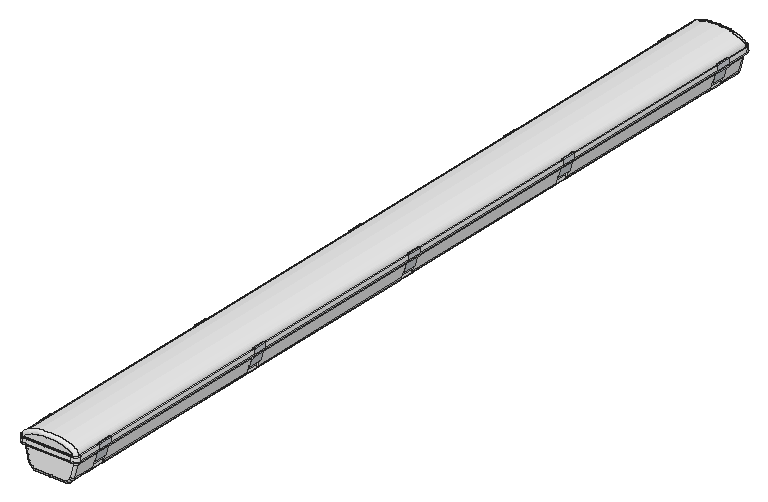
Revit family "0048625", category Lighting Fixtures, host Face, Revit 2017
Family settings
  Host = Face
  Round Connector Dimension = Use Diameter
  Part Type = Normal
  OmniClass Number = 23.80.70.11.14
  OmniClass Title = General Luminaries, Directional
  Cut with Voids When Loaded = Yes
  Light Source = Yes
  Shared = No
  Room Calculation Point = No
Parameters
  Width = 110 mm
  Weight = "2.49 kg"
  Wattage Comments = "n/a"
  Wattage = 67 W
  WarrantyStartDate [instance] = "n/a"
  WarrantyGuarantorParts = "n/a"
  WarrantyDurationUnit = "n/a"
  WarrantyDurationParts = "n/a"
  WarrantyDescription = "n/a"
  built-in parameter 1150110 = 1 (stored number, unit not read)
  Voltage = 230 V
  URL = "https://www.sylvania-lighting.com/"
  TypeName = "START WATERPROOF TWIN 1500 HO IP65 8300LM 840"
  Type Image = <None>
  Type Comments = "n/a"
  built-in parameter 1114217 = 1 (stored number, unit not read)
  Tilt Angle = -90.00°
  built-in parameter 1150109 = 1 (stored number, unit not read)
  built-in parameter 1150134 = 12
  built-in parameter 1150113 = 1 (stored number, unit not read)
  SerialNumber [instance] = "n/a"
  ReflectorMaterial = none
  PowerFactor = 0.9
  PowerConsumption = "67 W"
  Photometric Web File = "0048625.ies"
  NominalWidth = 0 mm
  NominalLength = 1578 mm
  NominalHeight = 78 mm
  Name = "START WATERPROOF TWIN 1500 HO IP65 8300LM 840"
  ModelReference = "START WATERPROOF TWIN 1500 HO IP65 8300LM 840"
  ModelNumber = "0048625"
  Model = "START WATERPROOF TWIN 1500 HO IP65 8300LM 840"
  Material = "polycarbonate housing, polycarbonate diffuser"
  ManufacturerName = "Feilo Sylvania"
  Manufacturer = "Feilo Sylvania"
  LuminousEfficacy = "124 lm/W"
  built-in parameter 1150105 = 661.13 (stored number, unit not read)
  Lumens = 8308 lm
  LuminaireType = "Weatherproof"
  built-in parameter 1150115 = 1 (stored number, unit not read)
  LightOutputRatio = "n/a"
  built-in parameter 1150137 = (empty or 0)
  built-in parameter 1150139 = (empty or 0)
  Length = 1572 mm
  LampsType = Lamp  # "LED"
  LampNominalLuminous = "8300 lm"
  LampMacAdamStep = "3"
  LampColourTemperature = "4000 K"
  LampColourRenderingIndex = "80"
  built-in parameter 1150112 = 1 (stored number, unit not read)
  built-in parameter 1150114 = 1 (stored number, unit not read)
  Lamp = "LED"
  Keynote = "16500"
  InstallationDate [instance] = "n/a"
  InputVoltage = "220-240V~"
  InputNominalFrequency = "50/60 Hz"
  built-in parameter 1150132 = (empty or 0)
  built-in parameter 1150102 = (empty or 0)
  built-in parameter 1150107 = 4000 (stored number, unit not read)
  built-in parameter 1150138 = (empty or 0)
  IngressProtection = "IP65"
  ImpactProtectionIndex = "IK08"
  built-in parameter 1150106 = 6.6113 (stored number, unit not read)
  IfcExportType = "IfcLightFixtureType"
  IfcExportAs = "IfcLightFixtureType"
  ExpectedLife = 50000
  Emit from Rectangle Width = Width - 20 mm  # 90 mm
  Emit from Rectangle Length = Length - 20 mm  # 1552 mm
  Emit Shape Visible in Rendering = no
  ElectricShockClassification = "Class I"
  built-in parameter 1150104 = 11.52 (stored number, unit not read)
  DurationUnit = "hours"
  DocumentationLiterature = "https://www.sylvania-lighting.com/product/en-int/products/0048625/"
  DimmingControlOptions = "Non dimmable"
  Dimming Lamp Color Temperature Shift = <None>
  DiffuserMaterial = Diffuser-Sylvania-Transparent
  Description = ""
  Default Elevation = 1219.2 mm
  CreatedOn = "11/9/2017"
  CreatedBy = ""
  Cost = 0
  Color Filter = 16777215
  built-in parameter 1114216 [instance] = (empty or 0)
  ClassificationValue = "EF_70_80"
  ClassificationName = "Uniclass2015"
  BodyMaterial = Body-Sylvania-Gray
  BarCode [instance] = "n/a"
  built-in parameter 1114218 = 1 (stored number, unit not read)
  built-in parameter 1150133 = 10 (stored number, unit not read)
  AssetType = "Fixed"
  AssetIdentifier [instance] = "n/a"
  Assembly Code = "D5020200"
  Apparent Load = 67 VA
  AccessoryMaterial = Diffuser-Sylvania-Glow
Reference planes
  plane 1 "Center (Front/Back)": y = 0
  plane 2: z = 0
  plane 3 "Center (Left/Right)": x = 0
  plane 4: z = 54
  plane 5: x = -27.7
  plane 6: x = -34.8
  plane 7: x = -39.6
  plane 8: x = -42.2
  plane 9: z = 3
  plane 10: z = 7.8
  plane 11: z = 12.3
  plane 12: z = 36.6
  plane 13: z = 42.8
  plane 14: x = -51.1
  plane 15: z = 46.2
  plane 16: x = -55
  plane 17: y = 786
  plane 18: y = -786
  plane 19: x = 27.7
  plane 20: x = 34.8
  plane 21: x = 39.6
  plane 22: x = 42.2
  plane 23: x = 51.1
  plane 24: x = 55
  plane 25: y = 778.4
  plane 26: y = -778.4
  plane 27: y = -774.7
  plane 28: y = 774.7
  plane 29: z = 74
  plane 30: x = -51.5
  plane 31: x = 51.5
  plane 32: z = 55.2
  plane 33: y = -782.5
  plane 34: y = 782.5
  plane 35: x = -37.5
  plane 36: x = 37.5
  plane 37: x = -48.7
  plane 38: x = 48.7
  plane 39: x = 18
  plane 40: x = -18
  plane 41: z = 50.2
  plane 42: z = 24.6
  plane 43: y = 720
  plane 44: y = 706
  plane 45: y = 734
  plane 46: y = -720
  plane 47: y = 720
  plane 48: y = 706
  plane 49: y = 734
  plane 50: y = -720
  plane 51: y = -734
  plane 52: y = -706
  plane 53: y = 360
  plane 54: y = 346
  plane 55: y = 374
  plane 56: y = 0
  plane 57: y = -14
  plane 58: y = 14
  plane 59: y = -360
  plane 60: y = -374
  plane 61: y = -346
Forms (mm)
  Sweep 1, solid, material "Body-Sylvania-Gray" <- "BodyMaterial", detail levels medium+fine
    path origin (1223.4, -4572, 54) x (0, -1, 0) y (1, 0, 0)
      loop
        arc (-3796, -1278.4) -> (-3788.929, -1275.471) -> (-3786, -1268.4) r 10
        line (-3786, -1268.4) -> (-3786, -1178.4)
        arc (-3786, -1178.4) -> (-3788.929, -1171.329) -> (-3796, -1168.4) r 10
        line (-3796, -1168.4) -> (-5348, -1168.4)
        arc (-5348, -1168.4) -> (-5355.071, -1171.329) -> (-5358, -1178.4) r 10
        line (-5358, -1178.4) -> (-5358, -1268.4)
        arc (-5358, -1268.4) -> (-5355.071, -1275.471) -> (-5348, -1278.4) r 10
        line (-5348, -1278.4) -> (-3796, -1278.4)
    profile origin (-55, 0, 54) x (-1, 0, 0) y (0, 0, 1)
      loop
        line (0, 0) -> (-1, 0) -> (-1, -7.726)
        arc (-1, -7.726) -> (-1.994, -9.498) -> (-3.9, -10.2) r 2.937
        line (-3.9, -10.2) -> (-8.571, -10.2) -> (-8.571, -11.2) -> (-3.9, -11.2)
        arc (-3.9, -11.2) -> (-1.313, -10.231) -> (0, -7.8) r 3.937
        line (0, -7.8) -> (0, 0)
  Sweep 2, solid, material "Body-Sylvania-Gray" <- "BodyMaterial", detail levels medium+fine
    path origin (0, 0, 0) x (1, 0, 0) y (0, 0, 1)
      loop
        line (48.7, 42.8) -> (48.7, 36.6) -> (42.203, 12.31)
        arc (42.203, 12.31) -> (41.199, 9.884) -> (39.6, 7.8) r 10.052
        line (39.6, 7.8) -> (34.8, 3)
        arc (34.8, 3) -> (31.554, 0.781) -> (27.7, 0) r 9.902
        line (27.7, 0) -> (0, 0) -> (-27.7, 0)
        arc (-27.7, 0) -> (-31.554, 0.781) -> (-34.8, 3) r 9.902
        line (-34.8, 3) -> (-39.6, 7.8)
        arc (-39.6, 7.8) -> (-41.199, 9.884) -> (-42.203, 12.31) r 10.052
        line (-42.203, 12.31) -> (-48.7, 36.6) -> (-48.7, 42.8)
    profile origin (0, 0, 0) x (0, 0, -1) y (0, -1, 0)
      loop
        arc (0, 773.4) -> (-1.464, 776.936) -> (-5, 778.4) r 5
        line (-5, 778.4) -> (-7.8, 778.4) -> (-7.8, -778.4) -> (-5, -778.4)
        arc (-5, -778.4) -> (-1.464, -776.936) -> (0, -773.4) r 5
        line (0, -773.4) -> (0, 773.4)
  Extrusion 3, solid, material "Body-Sylvania-Gray" <- "BodyMaterial", detail levels medium+fine
    sketch origin (1524, 778.4, 1219.2) x (1, 0, 0) y (0, 0, 1)
      loop
        arc (-1558.668, -1204.874) -> (-1558.443, -1205.418) -> (-1558.085, -1205.885) r 2.252
        line (-1558.085, -1205.885) -> (-1553.231, -1210.738)
        arc (-1553.231, -1210.738) -> (-1552.534, -1211.227) -> (-1551.7, -1211.4) r 2.102
        line (-1551.7, -1211.4) -> (-1496.3, -1211.4)
        arc (-1496.3, -1211.4) -> (-1495.466, -1211.227) -> (-1494.769, -1210.738) r 2.102
        line (-1494.769, -1210.738) -> (-1489.915, -1205.885)
        arc (-1489.915, -1205.885) -> (-1489.557, -1205.418) -> (-1489.332, -1204.874) r 2.252
        line (-1489.332, -1204.874) -> (-1483.1, -1181.575) -> (-1483.1, -1176.4) -> (-1564.9, -1176.4) -> (-1564.9, -1181.575) -> (-1558.668, -1204.874)
    from 0 to 1556.8
  Sweep 4, solid, material "Diffuser-Sylvania-Transparent" <- "DiffuserMaterial", detail levels medium+fine
    path origin (0, 0, 0) x (1, 0, 0) y (0, 0, 1)
      loop
        spline (-51.5, 55.2) -> (-49.745, 60.066) -> (-44.6, 64.6) -> (-36.416, 68.494) -> (-25.75, 71.481) -> (-13.329, 73.359) -> (0, 74) -> (13.329, 73.359) -> (25.75, 71.481) -> (36.416, 68.494) -> (44.6, 64.6) -> (49.745, 60.066) -> (51.5, 55.2)
    profile origin (51.5, 0, 55.2) x (0, -1, 0) y (1, 0, 0)
      loop
        arc (782.5, -5.5) -> (780.889, -1.611) -> (777, 0) r 5.5
        line (777, 0) -> (-777, 0)
        arc (-777, 0) -> (-780.889, -1.611) -> (-782.5, -5.5) r 5.5
        line (-782.5, -5.5) -> (-782.5, -6.3) -> (-781.5, -6.3) -> (-781.5, -5.5)
        arc (-781.5, -5.5) -> (-780.182, -2.318) -> (-777, -1) r 4.5
        line (-777, -1) -> (777, -1)
        arc (777, -1) -> (780.182, -2.318) -> (781.5, -5.5) r 4.5
        line (781.5, -5.5) -> (781.5, -6.347) -> (782.5, -6.347) -> (782.5, -5.5)
  Extrusion 5, solid, material "Diffuser-Sylvania-Transparent" <- "DiffuserMaterial", detail levels medium+fine
    sketch origin (1524, -782.5, 1219.2) x (1, 0, 0) y (0, 0, 1)
      loop
        line (-1569.653, -1164) -> (-1478.347, -1164)
        spline (-1478.347, -1164) -> (-1478.969, -1162.594) -> (-1482.527, -1159.545) -> (-1489.588, -1156.201) -> (-1499.458, -1153.445) -> (-1511.242, -1151.663) -> (-1524, -1151.049) -> (-1536.758, -1151.663) -> (-1548.542, -1153.445) -> (-1558.412, -1156.201) -> (-1565.473, -1159.545) -> (-1569.031, -1162.594) -> (-1569.653, -1164)
    from 0 to -1
  Extrusion 6, solid, material "Diffuser-Sylvania-Transparent" <- "DiffuserMaterial", detail levels medium+fine
    sketch origin (1524, 782.5, 1219.2) x (1, 0, 0) y (0, 0, 1)
      loop
        spline (-1478.3, -1164) -> (-1478.931, -1162.565) -> (-1482.502, -1159.505) -> (-1489.572, -1156.155) -> (-1499.446, -1153.394) -> (-1511.236, -1151.614) -> (-1524, -1151.007) -> (-1536.764, -1151.614) -> (-1548.554, -1153.394) -> (-1558.428, -1156.155) -> (-1565.498, -1159.505) -> (-1569.069, -1162.565) -> (-1569.7, -1164)
        line (-1569.7, -1164) -> (-1478.3, -1164)
    from 0 to 1
  Extrusion 7, solid, material "Diffuser-Sylvania-Transparent" <- "DiffuserMaterial", detail levels medium+fine
    sketch origin (1223.4, -4572, 55.2) x (0, -1, 0) y (-1, 0, 0)
      loop
        arc (-5353.5, 1177.4) -> (-5352.182, 1174.218) -> (-5349, 1172.9) r 4.5
        line (-5349, 1172.9) -> (-3795, 1172.9)
        arc (-3795, 1172.9) -> (-3791.818, 1174.218) -> (-3790.5, 1177.4) r 4.5
        line (-3790.5, 1177.4) -> (-3790.5, 1269.4)
        arc (-3790.5, 1269.4) -> (-3791.818, 1272.582) -> (-3795, 1273.9) r 4.5
        line (-3795, 1273.9) -> (-5349, 1273.9)
        arc (-5349, 1273.9) -> (-5352.182, 1272.582) -> (-5353.5, 1269.4) r 4.5
        line (-5353.5, 1269.4) -> (-5353.5, 1177.4)
      loop
        line (-5358, 1268.4) -> (-5358, 1178.4)
        arc (-5358, 1178.4) -> (-5355.071, 1171.329) -> (-5348, 1168.4) r 10
        line (-5348, 1168.4) -> (-3796, 1168.4)
        arc (-3796, 1168.4) -> (-3788.929, 1171.329) -> (-3786, 1178.4) r 10
        line (-3786, 1178.4) -> (-3786, 1268.4)
        arc (-3786, 1268.4) -> (-3788.929, 1275.471) -> (-3796, 1278.4) r 10
        line (-3796, 1278.4) -> (-5348, 1278.4)
        arc (-5348, 1278.4) -> (-5355.071, 1275.471) -> (-5358, 1268.4) r 10
    from 0 to 1.2
  Extrusion 8, solid, material "Diffuser-Sylvania-Glow" <- "AccessoryMaterial", detail levels fine
    sketch origin (0, 0, 0) x (1, 0, 0) y (0, 0, 1)
      loop
        circle (-18, 50.2) r 8
      loop
        circle (18, 50.2) r 8
    from -774.7 to 774.7
  Extrusion 9, void
    sketch origin (0, 720, 2343.807) x (0, 0, -1) y (-1, 0, 0)
      loop
        line (2340.807, -37.5) -> (2331.507, -37.5) -> (2319.207, -42.2) -> (2319.207, -48.7) -> (2340.807, -48.7) -> (2340.807, -37.5)
      loop
        line (2340.807, 37.5) -> (2340.807, 48.7) -> (2319.207, 48.7) -> (2319.207, 42.2) -> (2331.507, 37.5) -> (2340.807, 37.5)
    from -14 to 14
  Extrusion 10, solid, material "Body-Sylvania-Gray" <- "BodyMaterial", detail levels coarse
    sketch origin (0, 0, 0) x (1, 0, 0) y (0, 0, 1)
      loop
        line (55, 42.8) -> (55, 55.2) -> (-55, 55.2) -> (-55, 42.791) -> (-42.2, 0) -> (42.2, 0) -> (55, 42.8)
    from -786 to 786
  Extrusion 11, solid, material "Diffuser-Sylvania-Transparent" <- "DiffuserMaterial", detail levels coarse
    sketch origin (0, 0, 0) x (1, 0, 0) y (0, 0, 1)
      loop
        arc (51.5, 55.2) -> (0, 74) -> (-51.5, 55.2) r 79.939
        line (-51.5, 55.2) -> (51.5, 55.2)
    from 778.4 to -778.4
  Extrusion 12, void, not visible
    sketch origin (0, 720, 2343.807) x (0, 0, -1) y (-1, 0, 0)
      loop
        line (2340.807, -37.5) -> (2331.507, -37.5) -> (2319.207, -42.2) -> (2319.207, -48.7) -> (2340.807, -48.7) -> (2340.807, -37.5)
      loop
        line (2340.807, 37.5) -> (2340.807, 48.7) -> (2319.207, 48.7) -> (2319.207, 42.2) -> (2331.507, 37.5) -> (2340.807, 37.5)
    from -14 to 14
  Extrusion 13, void
    sketch origin (0, -720, 2343.807) x (0, 0, -1) y (-1, 0, 0)
      loop
        line (2340.807, -37.5) -> (2331.507, -37.5) -> (2319.207, -42.2) -> (2319.207, -48.7) -> (2340.807, -48.7) -> (2340.807, -37.5)
      loop
        line (2340.807, 37.5) -> (2340.807, 48.7) -> (2319.207, 48.7) -> (2319.207, 42.2) -> (2331.507, 37.5) -> (2340.807, 37.5)
    from -14 to 14
  Extrusion 14, void
    sketch origin (0, 360, 2343.807) x (0, 0, -1) y (-1, 0, 0)
      loop
        line (2340.807, -37.5) -> (2331.507, -37.5) -> (2319.207, -42.2) -> (2319.207, -48.7) -> (2340.807, -48.7) -> (2340.807, -37.5)
      loop
        line (2340.807, 37.5) -> (2340.807, 48.7) -> (2319.207, 48.7) -> (2319.207, 42.2) -> (2331.507, 37.5) -> (2340.807, 37.5)
    from -14 to 14
  Extrusion 15, void
    sketch origin (0, 0, 2343.807) x (0, 0, -1) y (-1, 0, 0)
      loop
        line (2340.807, -37.5) -> (2331.507, -37.5) -> (2319.207, -42.2) -> (2319.207, -48.7) -> (2340.807, -48.7) -> (2340.807, -37.5)
      loop
        line (2340.807, 37.5) -> (2340.807, 48.7) -> (2319.207, 48.7) -> (2319.207, 42.2) -> (2331.507, 37.5) -> (2340.807, 37.5)
    from -14 to 14
  Extrusion 16, void
    sketch origin (0, -360, 2343.807) x (0, 0, -1) y (-1, 0, 0)
      loop
        line (2340.807, -37.5) -> (2331.507, -37.5) -> (2319.207, -42.2) -> (2319.207, -48.7) -> (2340.807, -48.7) -> (2340.807, -37.5)
      loop
        line (2340.807, 37.5) -> (2340.807, 48.7) -> (2319.207, 48.7) -> (2319.207, 42.2) -> (2331.507, 37.5) -> (2340.807, 37.5)
    from -14 to 14
Cuts and joins
  Extrusion 9, Extrusion 13, Extrusion 14, Extrusion 15, Extrusion 16 cuts Sweep 2
  Extrusion 13, Extrusion 14, Extrusion 15, Extrusion 16 cuts Extrusion 3
  joined: Sweep 2, Extrusion 3
  joined: Sweep 4, Extrusion 5, Extrusion 6
Dimensions and locks
  locked: plane 4 to plane 2 at 54
  plane 5 to plane 6 to plane 7 to plane 8 to plane 14 to plane 16 = 7.1 mm locked, 4.8 mm locked, 2.6 mm locked, 8.9 mm, 3.9 mm
  plane 4 to plane 15 to plane 13 to plane 12 to plane 11 to plane 10 to plane 9 = 7.8 mm locked, 3.4 mm, 6.2 mm locked, 24.3 mm locked, 4.5 mm locked, 4.8 mm locked
  equal spacing: plane 18, plane 1 "Center (Front/Back)", plane 17
  "Length": plane 18 to plane 17
  plane 19 to plane 20 to plane 21 to plane 22 to plane 23 to plane 24 = 7.1 mm locked, 4.8 mm locked, 2.6 mm locked, 8.9 mm, 3.9 mm
  equal spacing: plane 24, plane 3 "Center (Left/Right)", plane 16
  "Width": plane 24 to plane 16
  equal spacing: plane 27, plane 1 "Center (Front/Back)", plane 28
  locked: plane 26 to plane 27 at 3.7
  locked: Sweep 1 sketch curve to profile plane at 1
  locked: Sweep 1 sketch curve to plane 13 at 1
  locked: Sweep 1 sketch curve to plane 13 at 3.937  (x2)
  locked: Sweep 1 sketch curve to profile plane at 3.9  (x2)
  locked: plane 29 to plane 4 at 20
  equal spacing: plane 31, plane 3 "Center (Left/Right)", plane 30
  locked: plane 30 to plane 16 at 3.5
  locked: plane 32 to plane 4 at 1.2
  equal spacing: plane 33, plane 1 "Center (Front/Back)", plane 34
  equal spacing: plane 36, plane 3 "Center (Left/Right)", plane 35
  locked: plane 3 "Center (Left/Right)" to plane 35 at 37.5
  locked: plane 34 to plane 17 at 3.5
  equal spacing: plane 38, plane 3 "Center (Left/Right)", plane 37
  locked: plane 37 to plane 16 at 6.3
  equal spacing: plane 25, plane 1 "Center (Front/Back)", plane 26
  locked: plane 17 to plane 25 at 7.6
  locked: Sweep 2 sketch curve to plane 2 at 5  (x2)
  locked: Sweep 2 sketch curve to plane 26 at 5
  locked: plane 25 to Sweep 2 sketch curve at 5
  locked: Sweep 4 sketch curve to plane 31 at 5.5  (x2)
  locked: Sweep 4 sketch curve to plane 34 at 5.5
  plane 33 to Sweep 4 sketch curve = 5.5 mm
  locked: plane 34 to Sweep 4 sketch curve at 1
  locked: Sweep 4 sketch curve to plane 31 at 1
  locked: Sweep 4 sketch curve to Sweep 4 sketch curve at 1
  locked: Sweep 4 sketch curve to plane 31 at 6.347
  locked: Sweep 4 sketch curve to plane 31 at 6.3
  equal spacing: plane 39, plane 3 "Center (Left/Right)", plane 40
  locked: plane 3 "Center (Left/Right)" to plane 40 at 18
  locked: plane 42 to plane 2 at 24.6
  plane 45 to plane 43 to plane 44 = 14 mm locked, 14 mm locked
  locked: plane 17 to plane 43 at 66
  equal spacing: plane 43, plane 1 "Center (Front/Back)", plane 46
  plane 49 to plane 47 to plane 48 = 14 mm locked, 14 mm locked
  plane 52 to plane 50 to plane 51 = 14 mm locked, 14 mm locked  (x2)
  equal spacing: group 1, group 6, group 7, group 8, group 5  (x2)
  equal spacing: group 5, group 8, group 7, group 6, group 1
  plane 55 to plane 53 to plane 54 = 14 mm locked, 14 mm locked  (x2)
  plane 58 to plane 56 to plane 57 = 14 mm locked, 14 mm locked  (x2)
  plane 61 to plane 59 to plane 60 = 14 mm locked, 14 mm locked  (x2)
  plane 43 to plane 53 to plane 1 "Center (Front/Back)" to plane 59 to plane 50 = 360 mm locked, 360 mm locked, 360 mm locked, 360 mm locked
  aligned and locked: plane 2 to host face
  aligned and locked: level to host face
  aligned and locked: plane 16 to Sweep 1 sketch curve
  aligned and locked: Sweep 1 sketch curve to plane 24
  aligned and locked: plane 18 to Sweep 1 sketch curve
  aligned and locked: Sweep 1 sketch curve to plane 13
  aligned and locked: profile plane to Sweep 1 sketch curve
  aligned and locked: plane 3 "Center (Left/Right)" to Sweep 2 sketch curve
  aligned and locked: plane 9 to Sweep 2 sketch curve
  aligned and locked: plane 10 to Sweep 2 sketch curve
  aligned and locked: plane 37 to Sweep 2 sketch curve
  aligned and locked: plane 12 to Sweep 2 sketch curve
  aligned and locked: Sweep 2 sketch curve to level
  aligned and locked: plane 21 to Sweep 2 sketch curve
  aligned and locked: plane 38 to Sweep 2 sketch curve
  aligned and locked: profile plane to Sweep 2 sketch curve
  aligned and locked: plane 25 to Sweep 2 sketch curve
  aligned and locked: Sweep 2 sketch curve to plane 10
  aligned and locked: Extrusion 3 sketch curve to Sweep 2  (x7)
  aligned and locked: Sweep 2 to Extrusion 3 sketch curve
  aligned and locked: Extrusion 3 to plane 25
  aligned and locked: plane 26 to Extrusion 3
  aligned and locked: plane 32 to Sweep 4 sketch curve
  aligned and locked: plane 33 to Sweep 4 sketch curve
  aligned and locked: Sweep 4 to Extrusion 5
  aligned and locked: plane 33 to Extrusion 5
  aligned and locked: Extrusion 5 sketch curve to Sweep 4
  aligned and locked: cut or joined group of Sweep 4, Extrusion 5, Extrusion 6 to Extrusion 6 sketch curve
  aligned and locked: Extrusion 7 sketch curve to cut or joined group of Sweep 4, Extrusion 5, Extrusion 6  (x2)
  aligned and locked: cut or joined group of Sweep 4, Extrusion 5, Extrusion 6 to Extrusion 7 sketch curve  (x2)
  aligned and locked: plane 41 to Extrusion 8 sketch curve  (x2)
  aligned and locked: plane 39 to Extrusion 8 sketch curve
  aligned and locked: plane 27 to Extrusion 8
  aligned and locked: Extrusion 8 to plane 28
  aligned and locked: Extrusion 9 to plane 42
  aligned and locked: plane 9 to Extrusion 9
  aligned and locked: plane 44 to Extrusion 9
  aligned and locked: Extrusion 9 to plane 45
  aligned and locked: Extrusion 7 sketch curve to Sweep 1  (x4)
  aligned and locked: plane 4 to Extrusion 7
  aligned and locked: Extrusion 7 to plane 32
  aligned and locked: nested 2 to plane 43
  aligned and locked: plane 43 to nested 1
  aligned and locked: Extrusion 10 sketch curve to plane 24
  aligned and locked: Extrusion 10 sketch curve to Extrusion 7
  aligned and locked: plane 8 to Extrusion 10 sketch curve
  aligned and locked: plane 22 to Extrusion 10 sketch curve
  aligned and locked: level to Extrusion 10 sketch curve
  aligned and locked: Extrusion 10 to plane 17
  aligned and locked: plane 18 to Extrusion 10
  aligned and locked: cut or joined group of Sweep 4, Extrusion 5, Extrusion 6 to Extrusion 11 sketch curve
  aligned and locked: Extrusion 11 sketch curve to cut or joined group of Sweep 4, Extrusion 5, Extrusion 6  (x2)
  aligned and locked: plane 31 to Extrusion 11 sketch curve
  aligned and locked: plane 30 to Extrusion 11 sketch curve
  aligned and locked: plane 26 to Extrusion 11
  aligned and locked: Extrusion 11 to plane 25
  aligned and locked: imposter light to plane 29
  aligned and locked: plane 3 "Center (Left/Right)" to imposter light
  aligned and locked: plane 1 "Center (Front/Back)" to imposter light
  aligned and locked: plane 51 to Extrusion 13
  aligned and locked: Extrusion 13 to plane 52
  aligned and locked: plane 54 to Extrusion 14
  aligned and locked: Extrusion 14 to plane 55
  aligned and locked: plane 57 to Extrusion 15
  aligned and locked: Extrusion 15 to plane 58
  aligned and locked: plane 60 to Extrusion 16
  aligned and locked: Extrusion 16 to plane 61
  aligned and locked: nested 3 to plane 53
  aligned and locked: plane 53 to nested 10
  aligned and locked: nested 4 to plane 56
  aligned and locked: plane 56 to nested 9
  aligned and locked: nested 5 to plane 59
  aligned and locked: plane 59 to nested 8
  aligned and locked: nested 6 to plane 50
  aligned and locked: plane 50 to nested 7
Automatic sketch dimensions
  host sketch curve to host sketch curve = 2438.4 mm  (x2)
  plane 17 to Sweep 1 sketch curve = 0 mm
  Sweep 1 sketch curve to plane 28 = 1.3 mm
  Sweep 1 sketch curve to plane 7 = 5.4 mm
  plane 27 to Sweep 1 sketch curve = 1.3 mm  (x2)
  Sweep 1 sketch curve to Sweep 1 sketch curve = 4.671 mm
  Sweep 1 sketch curve to plane 4 = 0 mm
  Sweep 2 sketch curve to plane 7 = 0 mm
  Sweep 2 sketch curve to plane 6 = 0 mm
  Sweep 2 sketch curve to plane 5 = 0 mm
  plane 19 to Sweep 2 sketch curve = 0 mm
  Sweep 2 sketch curve to plane 9 = 0 mm
  plane 20 to Sweep 2 sketch curve = 0 mm
  Sweep 2 sketch curve to plane 12 = 0 mm
  Sweep 2 sketch curve to plane 10 = 0 mm
  Sweep 2 sketch curve to plane 13 = 0 mm  (x2)
  Sweep 2 sketch curve to plane 8 = 0.003 mm
  plane 6 to Sweep 2 sketch curve = 2.308 mm
  plane 20 to Sweep 2 sketch curve = 2.308 mm
  Sweep 2 sketch curve to plane 22 = 0.003 mm
  Sweep 2 sketch curve to plane 11 = 0.01 mm  (x2)
  Extrusion 3 sketch curve to plane 5 = 0 mm
  plane 19 to Extrusion 3 sketch curve = 0 mm
  plane 6 to Extrusion 3 sketch curve = 0.132 mm
  plane 6 to Extrusion 3 sketch curve = 0.715 mm
  Extrusion 3 sketch curve to Extrusion 3 sketch curve = 1.592 mm
  Extrusion 3 sketch curve to plane 10 = 0.662 mm  (x2)
  plane 20 to Extrusion 3 sketch curve = 2.308 mm
  plane 20 to Extrusion 3 sketch curve = 0.715 mm
  plane 20 to Extrusion 3 sketch curve = 0.132 mm
  Sweep 4 sketch curve to plane 30 = 0 mm
  Sweep 4 sketch curve to plane 3 "Center (Left/Right)" = 0 mm
  Sweep 4 sketch curve to Sweep 4 sketch curve = 0 mm  (x2)
  plane 37 to Extrusion 5 sketch curve = 3.047 mm
  Extrusion 5 sketch curve to plane 38 = 3.047 mm
  plane 37 to Extrusion 6 sketch curve = 3 mm
  Extrusion 6 sketch curve to plane 38 = 3 mm
  plane 25 to Extrusion 7 sketch curve = 1.4 mm  (x2)
  Extrusion 7 sketch curve to plane 26 = 1.4 mm  (x2)
  Extrusion 8 sketch curve to plane 40 = 0 mm
  Extrusion 9 sketch curve to Extrusion 9 sketch curve = 0 mm
  Extrusion 9 sketch curve to Extrusion 9 sketch curve = 12.3 mm  (x2)
  Extrusion 9 sketch curve to Extrusion 9 sketch curve = 9.3 mm  (x2)
  Extrusion 9 sketch curve to Extrusion 9 sketch curve = 6.5 mm
  Extrusion 9 sketch curve to Extrusion 9 sketch curve = 4.7 mm  (x2)
  Extrusion 9 sketch curve to Extrusion 9 sketch curve = 75 mm
  Extrusion 9 sketch curve to Extrusion 9 sketch curve = 11.2 mm
  Extrusion 10 sketch curve to plane 13 = 0 mm
  plane 13 to Extrusion 10 sketch curve = 0.009 mm
  Extrusion 11 sketch curve to level = 5.939 mm
  Extrusion 10 sketch curve to plane 16 = 0 mm
  Extrusion 12 sketch curve to Extrusion 12 sketch curve = 0 mm
  Extrusion 12 sketch curve to Extrusion 12 sketch curve = 12.3 mm  (x2)
  Extrusion 12 sketch curve to Extrusion 12 sketch curve = 9.3 mm  (x2)
  Extrusion 12 sketch curve to Extrusion 12 sketch curve = 6.5 mm
  Extrusion 12 sketch curve to Extrusion 12 sketch curve = 4.7 mm  (x2)
  Extrusion 12 sketch curve to Extrusion 12 sketch curve = 75 mm
  Extrusion 12 sketch curve to Extrusion 12 sketch curve = 11.2 mm
  Extrusion 13 sketch curve to Extrusion 13 sketch curve = 0 mm
  Extrusion 13 sketch curve to Extrusion 13 sketch curve = 12.3 mm  (x2)
  Extrusion 13 sketch curve to Extrusion 13 sketch curve = 9.3 mm  (x2)
  Extrusion 13 sketch curve to Extrusion 13 sketch curve = 6.5 mm
  Extrusion 13 sketch curve to Extrusion 13 sketch curve = 4.7 mm  (x2)
  Extrusion 13 sketch curve to Extrusion 13 sketch curve = 75 mm
  Extrusion 13 sketch curve to Extrusion 13 sketch curve = 11.2 mm
  Extrusion 14 sketch curve to Extrusion 14 sketch curve = 0 mm
  Extrusion 14 sketch curve to Extrusion 14 sketch curve = 12.3 mm  (x2)
  Extrusion 14 sketch curve to Extrusion 14 sketch curve = 9.3 mm  (x2)
  Extrusion 14 sketch curve to Extrusion 14 sketch curve = 6.5 mm
  Extrusion 14 sketch curve to Extrusion 14 sketch curve = 4.7 mm  (x2)
  Extrusion 14 sketch curve to Extrusion 14 sketch curve = 75 mm
  Extrusion 14 sketch curve to Extrusion 14 sketch curve = 11.2 mm
  Extrusion 15 sketch curve to Extrusion 15 sketch curve = 0 mm
  Extrusion 15 sketch curve to Extrusion 15 sketch curve = 12.3 mm  (x2)
  Extrusion 15 sketch curve to Extrusion 15 sketch curve = 9.3 mm  (x2)
  Extrusion 15 sketch curve to Extrusion 15 sketch curve = 6.5 mm
  Extrusion 15 sketch curve to Extrusion 15 sketch curve = 4.7 mm  (x2)
  Extrusion 15 sketch curve to Extrusion 15 sketch curve = 75 mm
  Extrusion 15 sketch curve to Extrusion 15 sketch curve = 11.2 mm
  Extrusion 16 sketch curve to Extrusion 16 sketch curve = 0 mm
  Extrusion 16 sketch curve to Extrusion 16 sketch curve = 12.3 mm  (x2)
  Extrusion 16 sketch curve to Extrusion 16 sketch curve = 9.3 mm  (x2)
  Extrusion 16 sketch curve to Extrusion 16 sketch curve = 6.5 mm
  Extrusion 16 sketch curve to Extrusion 16 sketch curve = 4.7 mm  (x2)
  Extrusion 16 sketch curve to Extrusion 16 sketch curve = 75 mm
  Extrusion 16 sketch curve to Extrusion 16 sketch curve = 11.2 mm
  radius of Extrusion 8 sketch curve = 8 mm  (x2)
Nested families
  nested 1: "Clip" at (42.2, 720, 24.6), type "Clip", detail levels fine
  nested 2: "Clip" at (-42.2, 720, 24.6) x (-1, 0, 0) z (0, 0, 1), type "Clip", detail levels fine
  nested 3: "Clip" at (-42.2, 360, 24.6) x (-1, 0, 0) z (0, 0, 1), type "Clip", detail levels fine
  nested 4: "Clip" at (-42.2, 0, 24.6) x (-1, 0, 0) z (0, 0, 1), type "Clip", detail levels fine
  nested 5: "Clip" at (-42.2, -360, 24.6) x (-1, 0, 0) z (0, 0, 1), type "Clip", detail levels fine
  nested 6: "Clip" at (-42.2, -720, 24.6) x (-1, 0, 0) z (0, 0, 1), type "Clip", detail levels fine
  nested 7: "Clip" at (42.2, -720, 24.6), type "Clip", detail levels fine
  nested 8: "Clip" at (42.2, -360, 24.6), type "Clip", detail levels fine
  nested 9: "Clip" at (42.2, 0, 24.6), type "Clip", detail levels fine
  nested 10: "Clip" at (42.2, 360, 24.6), type "Clip", detail levels fine
Connectors
  electrical at (0, 0, 0), driven by "Apparent Load"
    settings: index 1, voltage 230 V, apparent load 67 VA, apparent load phase1 0 VA, apparent load phase2 0 VA, apparent load phase3 0 VA, power factor 0, load classification "Lighting", number of poles 1, system type 30, power factor state 1, is connector primary yes, connector utility no, sub classification motor no, connector description ""
Definition of nested family "Clip"
  Parameters (values of type "Clip")
    URL = "http://www.feilosylvania.com"
    Type Comments = "n/a"
    Model = "n/a"
    Manufacturer = "Feilo Sylvania"
    Keynote = "n/a"
    Description = "n/a"
    Default Elevation = 1219.2 mm
    Cost = 0
    BodyMaterial = none
    Assembly Code = "n/a"
  Reference planes
    plane 1 "Center (Front/Back)": y = 0
    plane 2: z = 0
    plane 3 "Center (Left/Right)": x = 0
    plane 4: x = 3.3
    plane 5: x = 6.5
    plane 6: x = 8.9
    plane 7: x = 12.8
    plane 8: z = 12
    plane 9: z = 18.2
    plane 10: z = 21.6
    plane 11: z = 30.6
    plane 12: x = 9.3
    plane 13: z = 19.2
    plane 14: z = 16.2
    plane 15: x = 10.1
    plane 16: y = 12
    plane 17: y = -12
  Forms (mm)
    Extrusion 1, solid
      sketch origin (-0.8, 0, 0) x (1, 0, 0) y (0, 1, 0)
        loop
          line (-1219.2, 1219.2) -> (-1219.2, -1219.2) -> (1219.2, -1219.2) -> (1219.2, 1219.2) -> (-1219.2, 1219.2)
      from 0 to -304.8
    Extrusion 2, solid
      sketch origin (0, 0, 0) x (1, 0, 0) y (0, 0, 1)
        loop
          line (8.9, 16.2) -> (4.58, 0) -> (0, 0) -> (0, -0.8) -> (5.195, -0.8) -> (9.603, 15.731) -> (13.6, 18.806) -> (13.6, 30.6)
          arc (13.6, 30.6) -> (11.45, 32.75) -> (9.3, 30.6) r 2.15
          line (9.3, 30.6) -> (10.1, 30.6)
          arc (10.1, 30.6) -> (11.45, 31.95) -> (12.8, 30.6) r 1.35
          line (12.8, 30.6) -> (12.8, 19.2) -> (8.9, 16.2)
      from -12 to 12
  Lines and regions (mm)
    reference lines
      curve 1: line (3.3, 0, 0) -> (6.5, 0, 12)
      curve 2: arc (8.9, 0, 18.2) -> (11.488, 0, 19.169) -> (12.8, 0, 21.6) r 3.934
  Dimensions and locks
    plane 7 to plane 6 to plane 5 to plane 4 to plane 3 "Center (Left/Right)" = 3.9 mm locked, 2.4 mm locked, 3.2 mm locked, 3.3 mm locked
    plane 11 to plane 10 to plane 9 to plane 8 to plane 2 = 9 mm locked, 3.4 mm locked, 6.2 mm locked, 12 mm locked
    locked: plane 7 to plane 12 at 3.5
    locked: plane 13 to plane 9 at 1
    locked: plane 9 to plane 14 at 2
    locked: plane 15 to plane 12 at 0.8
    locked: plane 2 to Extrusion 2 sketch curve at 0.8
    locked: Extrusion 2 sketch curve to Extrusion 2 sketch curve at 0.8  (x3)
    locked: plane 7 to Extrusion 2 sketch curve at 1.35
    equal spacing: plane 17, plane 1 "Center (Front/Back)", plane 16
    locked: plane 1 "Center (Front/Back)" to plane 16 at 12
    aligned and locked: plane 2 to Extrusion 1
    aligned and locked: level to Extrusion 1
    aligned and locked: plane 4 to curve 1
    aligned and locked: plane 5 to curve 1
    aligned and locked: plane 6 to curve 2
    aligned and locked: plane 10 to curve 2
    aligned and locked: plane 14 to Extrusion 2 sketch curve
    aligned and locked: plane 13 to Extrusion 2 sketch curve
    aligned and locked: plane 7 to Extrusion 2 sketch curve
    aligned and locked: plane 3 "Center (Left/Right)" to Extrusion 2 sketch curve
    aligned and locked: Extrusion 2 sketch curve to level
    aligned and locked: Extrusion 2 sketch curve to plane 11
    aligned and locked: plane 11 to Extrusion 2 sketch curve
    aligned and locked: Extrusion 2 to plane 16
    aligned and locked: plane 17 to Extrusion 2
  Automatic sketch dimensions
    Extrusion 1 sketch curve to Extrusion 1 sketch curve = 2438.4 mm  (x2)
    curve 2 to plane 7 = 0 mm
    curve 1 to level = 0 mm
    curve 1 to plane 8 = 0 mm
    curve 2 to plane 9 = 0 mm
    plane 6 to curve 2 = 0.002 mm
    Extrusion 2 sketch curve to Extrusion 2 sketch curve = 0 mm
    Extrusion 2 sketch curve to plane 6 = 0 mm
    plane 4 to Extrusion 2 sketch curve = 1.28 mm
